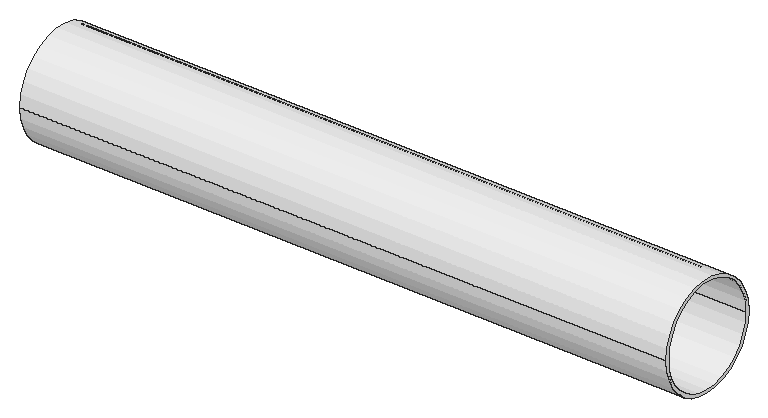
Revit family
Parameters (values of type "CHS 193.7x23.3")
  t = 5 mm
  W = 0.228
  시작 확장 계산 [instance] = 3012.5 mm + 시작 확장  # 3000 mm
  시작 확장 [instance] = -12.5 mm
  Length [instance] = 1500 mm
  OD = 193.7 mm
  끝 확장 계산 [instance] = 3012.5 mm + 끝 확장  # 3000 mm
  끝 확장 [instance] = -12.5 mm
  보 재료 [instance] = 금속 - 스틸 - 345 MPa
  Assembly Code = ""
  A = 0.003 m²
Reference planes
  plane 1 "중심(앞/뒤)": y = 0
  plane 2: z = 0
  plane 3 "중심(왼쪽/오른쪽)": x = 4.61
  plane 4 "왼쪽 부재": x = -604.99
  plane 5 "오른쪽 부재": x = 614.21
  plane 6: y = 96.85
  plane 7: y = -96.85
  plane 8 "상단": z = 96.85
  plane 9: z = -96.85
  plane 10 "왼쪽": x = -757.39
  plane 11 "오른쪽": x = 742.61
  plane 12: x = -604.99
  plane 13: x = 614.21
  plane 14: x = 2395.01
  plane 15: x = -2385.79
Forms (mm)
  Extrusion 1, solid, material "금속 - 스틸 - 345 MPa" <- "보 재료", detail levels medium+fine
    sketch origin (4.61, 0, 0) x (0, 1, 0) y (0, 0, 1)
      loop
        circle (0, 0) r 96.85
      loop
        circle (0, 0) r 91.85
    from -609.6 to 609.6
Lines and regions (mm)
  symbolic lines, style "기호 부착", detail levels coarse
    curve 1: arc (0, 96.85, 0) -> (0, 0, -96.85) -> (0, -96.85, 0) r 96.85
    curve 2: arc (0, -96.85, 0) -> (0, 0, 96.85) -> (0, 96.85, 0) r 96.85
Dimensions and locks
  "OD": plane 6 to plane 7
  "OD": plane 9 to plane 8 "상단"
  equal spacing: plane 9, plane 2, plane 8 "상단"
  equal spacing: plane 6, plane 1 "중심(앞/뒤)", plane 7
  "Length": plane 10 "왼쪽" to plane 11 "오른쪽"
  "t": plane 6 to Extrusion 1 sketch curve
  "t": Extrusion 1 sketch curve to plane 7
  "시작 확장 계산": plane 12 to plane 14
  "끝 확장 계산": plane 15 to plane 13
  locked: plane 4 "왼쪽 부재" to plane 14 at 3000
  locked: plane 15 to plane 5 "오른쪽 부재" at 3000
  aligned and locked: plane 12 to Extrusion 1
  aligned and locked: Extrusion 1 to plane 13
Automatic sketch dimensions
  curve 1 to level = 0 mm
  curve 1 to plane 7 = 0 mm
  curve 1 to plane 1 "중심(앞/뒤)" = 0 mm
  Extrusion 1 sketch curve to Extrusion 1 sketch curve = 0 mm  (x2)
  Extrusion 1 sketch curve to level = 0 mm
  Extrusion 1 sketch curve to plane 7 = 0 mm
